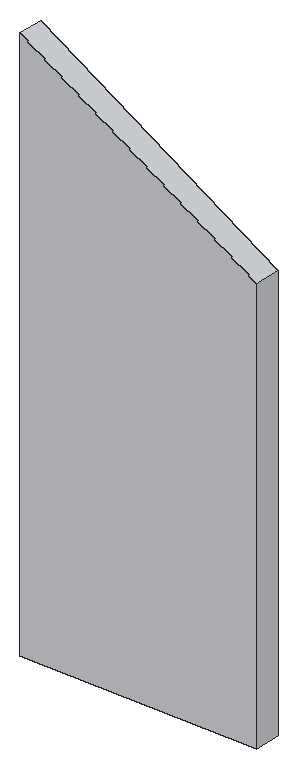
Revit family "EXP_WT-1C_CPan-009", category Curtain Panels, Revit 2021
Family settings
  OmniClass Number = 23.25.20.14.11.11.17
  OmniClass Title = Infill Panels
  Always vertical = Yes
  Cut with Voids When Loaded = No
  Shared = No
Parameters (values of type "EXP_WT-1C_CPan-014")
  UI-UnitNumber [instance] = "001"
  UI-Quadrant [instance] = "SE"
  UI-ProjectAbbreviation = "NEU"
  UI-ItemCategory = "PID"
  UI-FloorNumber [instance] = "03"
  PNT-WallType = "WT1C"
  PNT-ProjectAbbreviation = "NEU"
  PNT-PanelType [instance] = "01"
  PNT-ItemCategory = "PNL"
  HSX [instance] = HModSX - CellH  # 12' - 0"
  HModSX [instance] = 13' - 6"
  HModDX [instance] = 18' - 1"
  HDX [instance] = HModDX - CellH  # 16' - 7"
  GlassH1 [instance] = none
  Define Thermal Properties by = Schematic Type
  CellSxH [instance] = HSX + CellH  # 13' - 6"
  CellSp = 0' - 10 3/16"
  CellL [instance] = 1' - 0"
  CellH2 [instance] = 9' - 8"
  CellH [instance] = 1' - 6"
  CellDxH [instance] = HDX + CellH  # 18' - 1"
  CellAngle [instance] = 45.00°
  Analytic Construction = "<None>"
Reference planes (in)
  plane 1 "Center (Front/Back)": y = 0
  plane 2: z = 0
  plane 3 "Center (Left/Right)": x = 0
  plane 4 "Left": x = -46
  plane 5 "Right": x = 46
  plane 6 "Top": z = 18
  plane 7: y = -10.1875
  plane 8: z = 162
  plane 9: z = 217
Forms (in)
  Extrusion 1, solid, material <- "GlassH1"
    sketch origin (0, 0, 0) x (1, 0, 0) y (0, 0, 1)
      loop
        line (46, 162) -> (-46, 217) -> (-46, 0) -> (46, 0) -> (46, 162)
    from 0 to 10.1875
Text (in)
  text "Exterior" at (-92.59733, 55.75508, 0), in view "Ref. Level"
  text "Exterior" at (0, 90.18664, 173.49264), in view "Left"
  text "Exterior" at (0, 52.29083, 162.21847), in view "Right"
Dimensions and locks (in)
  equal spacing: plane 4 "Left", plane 3 "Center (Left/Right)", plane 5 "Right"  (x2)
  plane 4 "Left" to plane 5 "Right" = 7' - 8"
  "CellSp": plane 7 to plane 1 "Center (Front/Back)"
  "CellH": plane 2 to plane 6 "Top"
  "HSX": plane 6 "Top" to plane 8
  "HDX": plane 6 "Top" to plane 9
  aligned and locked: level to plane 2
  aligned and locked: plane 5 "Right" to Extrusion 1 sketch curve
  aligned and locked: Extrusion 1 sketch curve to plane 4 "Left"
  aligned and locked: Extrusion 1 to plane 7
  aligned and locked: plane 2 to Extrusion 1 sketch curve
Automatic sketch dimensions
  Extrusion 1 sketch curve to plane 8 = 0' - 0"
  Extrusion 1 sketch curve to plane 9 = 0' - 0"
